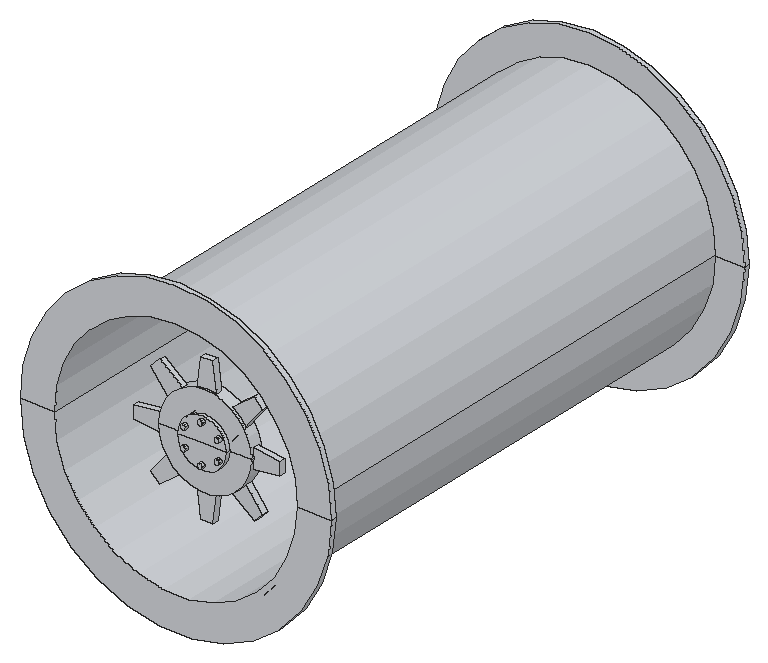
Revit family "CADS_Vent-Axia_MechEquip_Fan_BIFA_250_1Ph2P - SUPPLY", category Mechanical Equipment, Revit 2020
Family settings
  Round Connector Dimension = Use Diameter
  Part Type = Normal
  OmniClass Number = 23.75.00.00
  OmniClass Title = Climate Control (HVAC)
  Work Plane-Based = No
  Always vertical = Yes
  Cut with Voids When Loaded = No
  Shared = No
  Room Calculation Point = No
Parameters (values of type "BIFA251225")
  WorkingPressure = 0.0 Pa
  WarrantyStartDate [instance] = "1900-12-31T23:59:59"
  WarrantyPeriod = ""
  WarrantyIdentifier = "N/A"
  WarrantyGuarantorParts = "tech@vent-axia.com"
  WarrantyGuarantorLabor = "tech@vent-axia.com"
  WarrantyGuarantor = "Vent-Axia Limited"
  WarrantyEndDate [instance] = "1900-12-31T23:59:59"
  WarrantyContent = ""
  TemperatureRange = ""
  TagNumber [instance] = "N/A"
  SustainabilityPerformance = ""
  Status = "New"
  Size = ""
  Shape = ""
  ServiceLifeType = ""
  ServiceLifeDuration = ""
  SerialNumber [instance] = "N/A"
  ReplacementCost = ""
  RatedVoltage = 0 V
  RatedCurrent = 0 A
  Quantity = 1
  ProductionYear = ""
  PressureCurve = ""
  PowerFactor = ""
  PointOfContact = ""
  NumberOfPoles = 0
  NominalWidth = 250 mm
  NominalLength = 535 mm
  NominalHeight = 250 mm
  NominalFrequencyRange = ""
  NominalDiameter = 250 mm
  ModelReference = "BIF 250MM 1PH 2P 25DEG"
  ModelNumber = "BIFA251225"
  Material = ""
  ManufacturerE-Mail = "tech@vent-axia.com"
  ManufacturerAddress = "Fleming Way\nCrawley \nRH10 9YX"
  IsExtendedWarranty = no
  InsulationStandardClass = ""
  InstallationDate [instance] = "1900-12-31T23:59:59"
  IfcExportType [instance] = ""
  IfcExportAs = "IfcFanType"
  IP_Code = ""
  HasProtectiveEarth = no
  GrossWeight = 0.00 kg
  Grade = ""
  GlobalTradeItemNumber [instance] = "N/A"
  Fitting Type = "Ignore"
  Finish = ""
  Features = ""
  ExteriorInsulation = no
  ExpectedServiceLife = 0
  Exclusions = ""
  DurationUnit = "Year"
  Default Elevation = 0 mm
  Constituents = ""
  ConductorFunction = ""
  Color = ""
  CodePerformance = ""
  Category = ""
  CADS_Usage = 0
  CADS_Index = 0
  AssetType = "FIXED"
  AssetIdentifier [instance] = "N/A"
  AssemblyPlace = "UNKNOWN"
  ArticleNumber [instance] = "N/A"
  AirflowRateRange = 0.0 L/s
  Air Flow [instance] = 0.0 L/s
  AccessibilityPerformance = ""
Types (4, lengths in mm): name | ModelReference | ModelNumber
  BIFA251225 | "BIF 250MM 1PH 2P 25DEG" | "BIFA251225"
  BIFA251230 | "BIF 250MM 1PH 2P 30DEG" | "BIFA251230"
  BIFA251235 | "BIF 250MM 1PH 2P 35DEG" | "BIFA251235"
  BIFA251240 | "BIF 250MM 1PH 2P 40DEG" | "BIFA251240"
Reference planes
  plane 1 "Center (Front/Back)": y = 0
  plane 2: z = 0
  plane 3 "Center (Left/Right)": x = 0
  plane 4: x = -125
  plane 5: x = 125
  plane 6 "F": y = -267.5
  plane 7 "B": y = 267.5
  plane 8: x = -160
  plane 9: y = 262.5
  plane 10: y = -262.5
  plane 11: x = -130
  plane 12: y = -227.5
Forms (mm)
  Revolve 1, solid
    sketch origin (0, 0, 0) x (1, 0, 0) y (0, 1, 0)
      loop
        line (-160, -267.5) -> (-125, -267.5) -> (-125, 267.5) -> (-160, 267.5) -> (-160, 262.5) -> (-130, 262.5) -> (-130, -262.5) -> (-160, -262.5) -> (-160, -267.5)
      axis (0, 267.5) -> (0, -267.5)
    angle from 0 to 360
Dimensions and locks
  equal spacing: plane 4, plane 3 "Center (Left/Right)", plane 5
  equal spacing: plane 7 "B", plane 1 "Center (Front/Back)", plane 6 "F"
  "NominalLength": plane 7 "B" to plane 6 "F"
  "NominalDiameter": plane 4 to plane 5
  locked: plane 11 to plane 4 at 5
  locked: plane 8 to plane 11 at 30
  locked: plane 6 "F" to plane 10 at 5
  locked: plane 7 "B" to plane 9 at 5
  locked: plane 6 "F" to plane 12 at 40
  aligned and locked: level to plane 2
  aligned and locked: nested 1 to plane 12
Automatic sketch dimensions
  plane 6 "F" to Revolve 1 sketch curve = 0 mm
  Revolve 1 sketch curve to plane 8 = 0 mm  (x2)
  plane 10 to Revolve 1 sketch curve = 0 mm
  Revolve 1 sketch curve to plane 11 = 0 mm
  Revolve 1 sketch curve to plane 4 = 0 mm
  Revolve 1 sketch curve to plane 3 "Center (Left/Right)" = 0 mm
  plane 1 "Center (Front/Back)" to Revolve 1 sketch curve = 0 mm
  Revolve 1 sketch curve to plane 9 = 0 mm
  Revolve 1 sketch curve to plane 7 "B" = 0 mm
  plane 6 "F" to Revolve 1 sketch curve = 115 mm
Nested families
  nested 1: "Fan for BIFA" at (0, -227.5, 0), ND <- "NominalDiameter", type "Fan for BIFA"
    with hub 25 mm, ND 250 mm, BoltPCD 20 mm, Bolt Count 6, B_Diam 5 mm
  nested 2: "Bolts" at (17.321, -236.672, -10) x (-0.5, 0, -0.866) z (0, 1, 0), type "Bolts"
    with bd 5 mm
  nested 3: "Bolts" at (0, -236.672, -20) x (-1, 0, 0) z (0, 1, 0), type "Bolts"
    with bd 5 mm
  nested 4: "Bolts" at (-17.321, -236.672, -10) x (-0.5, 0, 0.866) z (0, 1, 0), type "Bolts"
    with bd 5 mm
  nested 5: "Bolts" at (-17.321, -236.672, 10) x (0.5, 0, 0.866) z (0, 1, 0), type "Bolts"
    with bd 5 mm
  nested 6: "Bolts" at (17.321, -236.672, 10) x (0.5, 0, -0.866) z (0, 1, 0), type "Bolts"
    with bd 5 mm
  nested 7: "Bolts" at (0, -236.672, 20) x (1, 0, 0) z (0, 1, 0), type "Bolts"
    with bd 5 mm
  nested 8: "BIFA Blade" at (0, -227.5, 12.5), type "BIFA Blade"
    with a 20.00°, HR 12.5 mm, HD 25 mm, BT 12.5 mm, BR 50 mm, BH 40 mm, BD 125 mm, BB 25 mm
  nested 9: "BIFA Blade" at (8.839, -227.5, 8.839) x (0.7071, 0, -0.7071) z (0.7071, 0, 0.7071), type "BIFA Blade"
    with a 20.00°, HR 12.5 mm, HD 25 mm, BT 12.5 mm, BR 50 mm, BH 40 mm, BD 125 mm, BB 25 mm
  nested 10: "BIFA Blade" at (12.5, -227.5, 0) x (0, 0, -1) z (1, 0, 0), type "BIFA Blade"
    with a 20.00°, HR 12.5 mm, HD 25 mm, BT 12.5 mm, BR 50 mm, BH 40 mm, BD 125 mm, BB 25 mm
  nested 11: "BIFA Blade" at (8.839, -227.5, -8.839) x (-0.7071, 0, -0.7071) z (0.7071, 0, -0.7071), type "BIFA Blade"
    with a 20.00°, HR 12.5 mm, HD 25 mm, BT 12.5 mm, BR 50 mm, BH 40 mm, BD 125 mm, BB 25 mm
  nested 12: "BIFA Blade" at (0, -227.5, -12.5) x (-1, 0, 0) z (0, 0, -1), type "BIFA Blade"
    with a 20.00°, HR 12.5 mm, HD 25 mm, BT 12.5 mm, BR 50 mm, BH 40 mm, BD 125 mm, BB 25 mm
  nested 13: "BIFA Blade" at (-8.839, -227.5, 8.839) x (-0.7071, 0, -0.7071) z (-0.7071, 0, 0.7071), type "BIFA Blade"
    with a 20.00°, HR 12.5 mm, HD 25 mm, BT 12.5 mm, BR 50 mm, BH 40 mm, BD 125 mm, BB 25 mm
  nested 14: "BIFA Blade" at (-12.5, -227.5, 0) x (0, 0, -1) z (-1, 0, 0), type "BIFA Blade"
    with a 20.00°, HR 12.5 mm, HD 25 mm, BT 12.5 mm, BR 50 mm, BH 40 mm, BD 125 mm, BB 25 mm
  nested 15: "BIFA Blade" at (-8.839, -227.5, -8.839) x (0.7071, 0, -0.7071) z (-0.7071, 0, -0.7071), type "BIFA Blade"
    with a 20.00°, HR 12.5 mm, HD 25 mm, BT 12.5 mm, BR 50 mm, BH 40 mm, BD 125 mm, BB 25 mm
Connectors
  hvac at (0, -267.5, 0), driven by "NominalDiameter", driven by "Air Flow"
    settings: on Revolve 1, index 1, duct flow 0.0 L/s, flow factor 0, pres drop 0.0 Pa, loss coef 0, conn angle 0.00°, conn width 304.8 mm, conn height 304.8 mm, conn diameter 250 mm, duct sys type 1, conn prof type 0, flow config 1, flow direction 1, loss method 0, conn ref index -1, conn util no, is conn primary yes, conn desc ""
  hvac at (0, 267.5, 0), driven by "NominalDiameter", driven by "Air Flow"
    settings: on Revolve 1, index 2, duct flow 0.0 L/s, flow factor 0, pres drop 0.0 Pa, loss coef 0, conn angle 0.00°, conn width 304.8 mm, conn height 304.8 mm, conn diameter 250 mm, duct sys type 1, conn prof type 0, flow config 0, flow direction 2, loss method 0, conn ref index -1, conn util no, is conn primary no, conn desc ""
Definition of nested family "Fan for BIFA"
  Parameters (values of type "Fan for BIFA")
    hub [instance] = ND / 10  # 50 mm
    ND [instance] = 500 mm
    Model = "."
    Default Elevation = 0 mm
    BoltPCD [instance] = hub - (hub * 0.2)  # 40 mm
    Bolt Count [instance] = if(hub < 50 mm, 6, 8)  # 8
    B_Diam [instance] = if(hub < 50 mm, 5 mm, 10 mm)  # 10 mm
  Reference planes
    plane 1 "Center (Front/Back)": y = 0
    plane 2: z = 0
    plane 3 "Center (Left/Right)": x = 0
    plane 4 "back": y = 20
    plane 5 "bolts": y = -9.172
    plane 6 "B": z = 50
    plane 7: x = -72.587
    plane 8: x = -50
    plane 9 "hubface": y = -6.172
  Forms (mm)
    Revolve 1, solid
      sketch origin (0, 0, 0) x (1, 0, 0) y (0, 1, 0)
        loop
          line (0, 20) -> (-50, 20) -> (-50, 10.504) -> (-72.587, 10.504) -> (-72.587, -2.597) -> (-50, -2.597) -> (-50, -6.172) -> (0, -6.172) -> (0, 20)
        axis (0, 20) -> (0, -6.172)
      angle from 0 to 360
    Extrusion 2, solid, not visible
      sketch origin (0, -6.347, -4) x (-1, 0, 0) y (0, 0, 1)
        loop
          circle (0, 84) r 5
      from 0 to 3
  Lines and regions (mm)
    symbolic lines
      curve 1: circle (0, -9.172, 0) r 40 normal (0, 1, 0)
    model lines, not visible
      curve 2: line (0, -6.347, 85) -> (0, -6.347, 75)
  Dimensions and locks
    "hub": plane 6 "B" to plane 2
    "hub": nested 3 to plane 3 "Center (Left/Right)"
    "hub": nested 4 to plane 3 "Center (Left/Right)"
    "hub": nested 5 to plane 3 "Center (Left/Right)"
    "hub": plane 3 "Center (Left/Right)" to nested 6
    "hub": Revolve 1 sketch curve to Revolve 1 sketch curve
    "hub": plane 3 "Center (Left/Right)" to nested 7
    "hub": plane 3 "Center (Left/Right)" to nested 8
    "hub": plane 3 "Center (Left/Right)" to nested 9
    "hub": plane 8 to plane 3 "Center (Left/Right)"
    plane 7 to plane 8 = 22.587 mm
    diameter of Extrusion 2 sketch curve = 10 mm
    "BoltPCD": radius of curve 1
    "BoltPCD": radius of radial array
    aligned and locked: level to plane 2
    aligned and locked: plane 6 "B" to nested 1
  Automatic sketch dimensions
    Revolve 1 sketch curve to plane 7 = 0 mm
    Revolve 1 sketch curve to plane 8 = 0 mm  (x2)
    Revolve 1 sketch curve to plane 3 "Center (Left/Right)" = 0 mm
    Revolve 1 sketch curve to plane 9 "hubface" = 0 mm
    plane 4 "back" to Revolve 1 sketch curve = 0 mm
    plane 1 "Center (Front/Back)" to Revolve 1 sketch curve = 2.597 mm
    plane 4 "back" to Revolve 1 sketch curve = 9.496 mm
    plane 4 "back" to Revolve 1 sketch curve = 5 mm
    Revolve 1 sketch curve to Revolve 1 sketch curve = 45 mm
    curve 1 to level = 0 mm
    curve 1 to plane 3 "Center (Left/Right)" = 0 mm
  Nested families
    nested 1: "BIFA Blade" at (0, 0, 25), BD <- "ND", HD <- "hub", type "BIFA Blade"
      with a 20.00°, HR 25 mm, HD 50 mm, BT 25 mm, BR 100 mm, BH 40 mm, BD 250 mm, BB 50 mm
    nested 2: "BIFA Blade" at (0, 0, 55), BD <- "ND", HD <- "hub", type "BIFA Blade", not visible
      with a 20.00°, HR 25 mm, HD 50 mm, BT 25 mm, BR 100 mm, BH 40 mm, BD 250 mm, BB 50 mm
    nested 3: "BIFA Blade" at (17.678, 0, 17.678) x (0.7071, 0, -0.7071) z (0.7071, 0, 0.7071), BD <- "ND", HD <- "hub", type "BIFA Blade"
      with a 20.00°, HR 25 mm, HD 50 mm, BT 25 mm, BR 100 mm, BH 40 mm, BD 250 mm, BB 50 mm
    nested 4: "BIFA Blade" at (25, 0, 0) x (0, 0, -1) z (1, 0, 0), BD <- "ND", HD <- "hub", type "BIFA Blade"
      with a 20.00°, HR 25 mm, HD 50 mm, BT 25 mm, BR 100 mm, BH 40 mm, BD 250 mm, BB 50 mm
    nested 5: "BIFA Blade" at (17.678, 0, -17.678) x (-0.7071, 0, -0.7071) z (0.7071, 0, -0.7071), BD <- "ND", HD <- "hub", type "BIFA Blade"
      with a 20.00°, HR 25 mm, HD 50 mm, BT 25 mm, BR 100 mm, BH 40 mm, BD 250 mm, BB 50 mm
    nested 6: "BIFA Blade" at (0, 0, -25) x (-1, 0, 0) z (0, 0, -1), BD <- "ND", HD <- "hub", type "BIFA Blade"
      with a 20.00°, HR 25 mm, HD 50 mm, BT 25 mm, BR 100 mm, BH 40 mm, BD 250 mm, BB 50 mm
    nested 7: "BIFA Blade" at (-17.678, 0, 17.678) x (-0.7071, 0, -0.7071) z (-0.7071, 0, 0.7071), BD <- "ND", HD <- "hub", type "BIFA Blade"
      with a 20.00°, HR 25 mm, HD 50 mm, BT 25 mm, BR 100 mm, BH 40 mm, BD 250 mm, BB 50 mm
    nested 8: "BIFA Blade" at (-25, 0, 0) x (0, 0, -1) z (-1, 0, 0), BD <- "ND", HD <- "hub", type "BIFA Blade"
      with a 20.00°, HR 25 mm, HD 50 mm, BT 25 mm, BR 100 mm, BH 40 mm, BD 250 mm, BB 50 mm
    nested 9: "BIFA Blade" at (-17.678, 0, -17.678) x (0.7071, 0, -0.7071) z (-0.7071, 0, -0.7071), BD <- "ND", HD <- "hub", type "BIFA Blade"
      with a 20.00°, HR 25 mm, HD 50 mm, BT 25 mm, BR 100 mm, BH 40 mm, BD 250 mm, BB 50 mm
    nested 10: "Bolts" at (0, -9.172, 40) x (1, 0, 0) z (0, 1, 0), bd <- "B_Diam", type "Bolts"
      with bd 10 mm
    nested 11: "Bolts" at (28.284, -9.172, 28.284) x (0.7071, 0, -0.7071) z (0, 1, 0), bd <- "B_Diam", type "Bolts"
      with bd 10 mm
    nested 12: "Bolts" at (-28.284, -9.172, 28.284) x (0.7071, 0, 0.7071) z (0, 1, 0), bd <- "B_Diam", type "Bolts"
      with bd 10 mm
    nested 13: "Bolts" at (-40, -9.172, 0) x (0, 0, 1) z (0, 1, 0), bd <- "B_Diam", type "Bolts"
      with bd 10 mm
    nested 14: "Bolts" at (-28.284, -9.172, -28.284) x (-0.7071, 0, 0.7071) z (0, 1, 0), bd <- "B_Diam", type "Bolts"
      with bd 10 mm
    nested 15: "Bolts" at (0, -9.172, -40) x (-1, 0, 0) z (0, 1, 0), bd <- "B_Diam", type "Bolts"
      with bd 10 mm
    nested 16: "Bolts" at (28.284, -9.172, -28.284) x (-0.7071, 0, -0.7071) z (0, 1, 0), bd <- "B_Diam", type "Bolts"
      with bd 10 mm
    nested 17: "Bolts" at (40, -9.172, 0) x (0, 0, -1) z (0, 1, 0), bd <- "B_Diam", type "Bolts"
      with bd 10 mm
  Definition of nested family "BIFA Blade"
    Parameters (values of type "BIFA Blade")
      a [instance] = 20.00°
      HR [instance] = HD / 2  # 30 mm
      HD [instance] = BD / 5  # 60 mm
      Default Elevation = 1219.2 mm
      BT [instance] = BD / 10  # 30 mm
      BR [instance] = (BD / 2) - HR  # 120 mm
      BH [instance] = 40 mm
      BD [instance] = 300 mm
      BB [instance] = BD / 5  # 60 mm
    Reference planes
      plane 1 "Center (Front/Back)": y = 0
      plane 2: z = 0
      plane 3 "Center (Left/Right)": x = 0
      plane 4 "Blade Bot": z = 30
      plane 5: x = -30
      plane 6: x = 30
      plane 7: x = -15
      plane 8: x = 15
    Forms (mm)
      Blend 1, solid
        base sketch origin (0, 0, 30) x (-1, 0, 0) y (0, -1, 0)
          loop
            line (30, 0) -> (-30, 0) -> (-30, -6) -> (30, -6) -> (30, 0)
        top sketch origin (0, 0, 30) x (-1, 0, 0) y (0, -1, 0)
          loop
            line (15, -6) -> (15, 0) -> (-15, 0) -> (-15, -6) -> (15, -6)
        from 0 to 120 <- "BR"
    Dimensions and locks
      "HR": plane 4 "Blade Bot" to level
      equal spacing: plane 8, plane 3 "Center (Left/Right)", plane 7
      "BT": plane 8 to plane 7
      equal spacing: plane 6, plane 3 "Center (Left/Right)", plane 5
      "BB": plane 6 to plane 5
      aligned and locked: level to plane 2
    Automatic sketch dimensions
      plane 1 "Center (Front/Back)" to Blend 1 sketch curve = 0 mm  (x2)
      Blend 1 sketch curve to plane 6 = 0 mm
      Blend 1 sketch curve to plane 5 = 0 mm
      Blend 1 sketch curve to plane 1 "Center (Front/Back)" = 6 mm  (x2)
      Blend 1 sketch curve to plane 8 = 0 mm
      Blend 1 sketch curve to plane 7 = 0 mm
  Definition of nested family "Bolts"
    Parameters
      bd [instance] = 10 mm
      Default Elevation = 1219.2 mm
    Reference planes
      plane 1 "Center (Front/Back)": y = 0
      plane 2: z = 0
      plane 3 "Center (Left/Right)": x = 0
    Forms (mm)
      Extrusion 1, solid
        sketch origin (0, 0, 0) x (1, 0, 0) y (0, 1, 0)
          loop
            line (-1219.2, 1219.2) -> (-1219.2, -1219.2) -> (1219.2, -1219.2) -> (1219.2, 1219.2) -> (-1219.2, 1219.2)
        from 0 to -304.8
      Extrusion 2, solid
        sketch origin (0, 0, 0) x (1, 0, 0) y (0, 1, 0)
          loop
            circle (0, 0) r 5
        from 0 to 3
    Dimensions and locks
      "bd": diameter of Extrusion 2 sketch curve
      aligned and locked: plane 2 to Extrusion 1
      aligned and locked: level to Extrusion 1
    Automatic sketch dimensions
      Extrusion 1 sketch curve to Extrusion 1 sketch curve = 2438.4 mm  (x2)
      plane 1 "Center (Front/Back)" to Extrusion 2 sketch curve = 0 mm
      Extrusion 2 sketch curve to plane 3 "Center (Left/Right)" = 0 mm
Definition of nested family "Bolts"
  Parameters
    bd [instance] = 10 mm
    Default Elevation = 1219.2 mm
  Reference planes
    plane 1 "Center (Front/Back)": y = 0
    plane 2: z = 0
    plane 3 "Center (Left/Right)": x = 0
  Forms (mm)
    Extrusion 1, solid
      sketch origin (0, 0, 0) x (1, 0, 0) y (0, 1, 0)
        loop
          line (-1219.2, 1219.2) -> (-1219.2, -1219.2) -> (1219.2, -1219.2) -> (1219.2, 1219.2) -> (-1219.2, 1219.2)
      from 0 to -304.8
    Extrusion 2, solid
      sketch origin (0, 0, 0) x (1, 0, 0) y (0, 1, 0)
        loop
          circle (0, 0) r 5
      from 0 to 3
  Dimensions and locks
    "bd": diameter of Extrusion 2 sketch curve
    aligned and locked: plane 2 to Extrusion 1
    aligned and locked: level to Extrusion 1
  Automatic sketch dimensions
    Extrusion 1 sketch curve to Extrusion 1 sketch curve = 2438.4 mm  (x2)
    plane 1 "Center (Front/Back)" to Extrusion 2 sketch curve = 0 mm
    Extrusion 2 sketch curve to plane 3 "Center (Left/Right)" = 0 mm
Definition of nested family "BIFA Blade"
  Parameters (values of type "BIFA Blade")
    a [instance] = 20.00°
    HR [instance] = HD / 2  # 30 mm
    HD [instance] = BD / 5  # 60 mm
    Default Elevation = 1219.2 mm
    BT [instance] = BD / 10  # 30 mm
    BR [instance] = (BD / 2) - HR  # 120 mm
    BH [instance] = 40 mm
    BD [instance] = 300 mm
    BB [instance] = BD / 5  # 60 mm
  Reference planes
    plane 1 "Center (Front/Back)": y = 0
    plane 2: z = 0
    plane 3 "Center (Left/Right)": x = 0
    plane 4 "Blade Bot": z = 30
    plane 5: x = -30
    plane 6: x = 30
    plane 7: x = -15
    plane 8: x = 15
  Forms (mm)
    Blend 1, solid
      base sketch origin (0, 0, 30) x (-1, 0, 0) y (0, -1, 0)
        loop
          line (30, 0) -> (-30, 0) -> (-30, -6) -> (30, -6) -> (30, 0)
      top sketch origin (0, 0, 30) x (-1, 0, 0) y (0, -1, 0)
        loop
          line (15, -6) -> (15, 0) -> (-15, 0) -> (-15, -6) -> (15, -6)
      from 0 to 120 <- "BR"
  Dimensions and locks
    "HR": plane 4 "Blade Bot" to level
    equal spacing: plane 8, plane 3 "Center (Left/Right)", plane 7
    "BT": plane 8 to plane 7
    equal spacing: plane 6, plane 3 "Center (Left/Right)", plane 5
    "BB": plane 6 to plane 5
    aligned and locked: level to plane 2
  Automatic sketch dimensions
    plane 1 "Center (Front/Back)" to Blend 1 sketch curve = 0 mm  (x2)
    Blend 1 sketch curve to plane 6 = 0 mm
    Blend 1 sketch curve to plane 5 = 0 mm
    Blend 1 sketch curve to plane 1 "Center (Front/Back)" = 6 mm  (x2)
    Blend 1 sketch curve to plane 8 = 0 mm
    Blend 1 sketch curve to plane 7 = 0 mm
